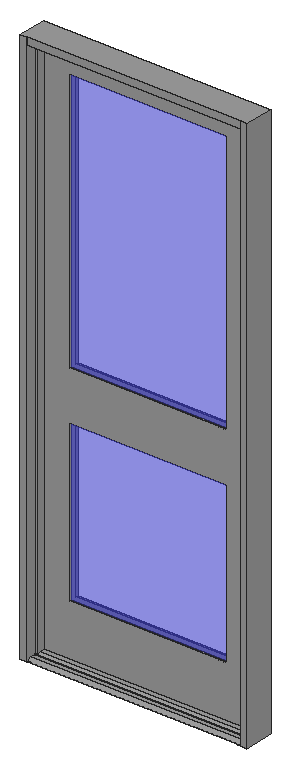
Revit family "MSD-375-StormMax-1inGlz-Curtain-Wall-Butt-Hinge-Single_Arc_v02", category Curtain Panels, Revit 2017
Family settings
  OmniClass Number = 23.25.20.14.11.11.17
  OmniClass Title = Infill Panels
  Always vertical = Yes
  Cut with Voids When Loaded = No
  Shared = No
Parameters
  Width [instance] = 3' - 2"
  URL = "obe.com"
  Rough Width [instance] = 3' - 3"
  Panel Width [instance] = [Min-Max Panel Width]  # 3' - 0 3/4"
  Panel Offset [instance] = 0' - 0"
  Offset [instance] = 0' - 1"
  Model = "MSD-375 DOOR"
  Min-Max Rough Width [instance] = if(and((Rough Width > 3' 2 1/4"), (Rough Width < 3' 8 1/256")), Rough Width, 3' 2 1/4")  # 3' - 3"
  Min-Max Panel Width [instance] = if(and((Rough Width > 3' 2 1/4"), (Rough Width < 3' 8 1/256")), Rough Width - 0' 2 1/4", 3' 0")  # 3' - 0 3/4"
  Manufacturer = "Oldcastle BuildingEnvelope®"
  Keynote = "08 11 00"
  Height [instance] = 8' - 0"
  Pushbar Height [instance] = 3' - 5 1/4"  # constant formula
  Glass Material = Glass
  Frame Material = Aluminum
  Door Panel Height [instance] = Height - 0' 0 3/4"  # 7' - 11 1/4"
  Description = "MSD-375 - 1\" Door Infill"
  Assembly Code = "B2030"
  Analytic Construction = "<None>"
  8 Muntin [instance] = not([6.5 Muntin])  # no
  6.5 Muntin [instance] = yes
Reference planes (in)
  plane 1 "Front": y = 0
  plane 2: z = 0
  plane 3 "Center (Left/Right)": x = 0
  plane 4 "Left": x = -19
  plane 5 "Right": x = 19
  plane 6 "Top": z = 96
  plane 7 "Offset": y = -1
  plane 8: y = -1.86965
  plane 9: y = -1.86965
  plane 10: x = -19.5
  plane 11: x = 19.5
Forms (in)
  Sweep 1, solid, material "Aluminum" <- "Frame Material"
    path origin (0, -1, 0) x (-1, 0, 0) y (0, 0, 1)
      loop
        line (19.5, 0) -> (19.5, 96)
    profile origin (-19.5, -1, 48) x (1, 0, 0) y (0, 1, 0)
      loop
        line (1.125, -1.8814) -> (1.125, -0.0064) -> (0, -0.0064) -> (0, -5.0064) -> (1.125, -5.0064) -> (1.125, -3.24) -> (1.625, -3.24) -> (1.625, -1.8814) -> (1.125, -1.8814)
  Sweep 2, solid, material "Aluminum" <- "Frame Material"
    path origin (0, -1, 0) x (-1, 0, 0) y (0, 0, 1)
      loop
        line (-19.5, 0) -> (-19.5, 96)
    profile origin (19.5, -1, 48) x (1, 0, 0) y (0, 1, 0)
      loop
        line (-1.125, -1.8814) -> (-1.625, -1.8814) -> (-1.625, -3.24) -> (-1.125, -3.24) -> (-1.125, -5.0064) -> (0, -5.0064) -> (0, -0.0064) -> (-1.125, -0.0064) -> (-1.125, -1.8814)
  Sweep 3, solid, material "Aluminum" <- "Frame Material"
    path origin (0, -1, 0) x (-1, 0, 0) y (0, 0, 1)
      loop
        line (-19.5, 96) -> (19.5, 96)
    profile origin (0, -1, 96) x (0, 0, 1) y (0, 1, 0)
      loop
        line (-1.25, 0) -> (-1.25, -1.88675) -> (-1.75, -1.88675) -> (-1.75, -3.24) -> (-1.25, -3.24) -> (-1.25, -5) -> (0, -5) -> (0, 0) -> (-1.25, 0)
Cuts and joins
  joined: Sweep 1, Sweep 2, Sweep 3
Text (in)
  text "Exterior" at (-54.29358, 31.38743, 0), in view "Ref. Level"
  text "Exterior" at (480, 41.53993, 89.60405), in view "Right"
  text "Exterior" at (-240, 57.82419, 105.78864), in view "Left"
Dimensions and locks (in)
  equal spacing: plane 4 "Left", plane 3 "Center (Left/Right)", plane 5 "Right"
  "Width": plane 4 "Left" to plane 5 "Right"
  "Height": plane 6 "Top" to plane 2
  "Offset": plane 1 "Front" to plane 7 "Offset"
  locked: plane 7 "Offset" to plane 8 at 0.86965
  locked: plane 7 "Offset" to plane 9 at 0.86965
  plane 7 "Offset" to nested 1 = 0' - 1"
  equal spacing: plane 10, plane 3 "Center (Left/Right)", plane 11
  "Min-Max Rough Width": plane 10 to plane 11
  aligned and locked: level to plane 2
  aligned and locked: plane 6 "Top" to Sweep 1 sketch curve
  aligned and locked: level to Sweep 1 sketch curve
  aligned and locked: plane 6 "Top" to Sweep 2 sketch curve
  aligned and locked: level to Sweep 2 sketch curve
  aligned and locked: plane 3 "Center (Left/Right)" to nested 1
  aligned and locked: plane 6 "Top" to Sweep 3 sketch curve
  aligned and locked: Sweep 1 sketch curve to plane 10
  aligned and locked: Sweep 2 sketch curve to plane 11
  aligned and locked: plane 11 to Sweep 3 sketch curve
  aligned and locked: plane 10 to Sweep 3 sketch curve
Automatic sketch dimensions
  Sweep 2 sketch curve to plane 7 "Offset" = 0' - 0.0064"
  Sweep 2 sketch curve to profile plane = 0' - 0"
  profile plane to Sweep 2 sketch curve = 0' - 1 1/8"
  Sweep 2 sketch curve to Sweep 2 sketch curve = 0' - 1 1/8"
  Sweep 2 sketch curve to Sweep 2 sketch curve = 0' - 0 1/2"
  Sweep 2 sketch curve to plane 7 "Offset" = 0' - 1.8814"
  Sweep 2 sketch curve to Sweep 2 sketch curve = 0' - 1.3586"
  Sweep 2 sketch curve to Sweep 2 sketch curve = 0' - 1.7664"
  Sweep 3 sketch curve to plane 7 "Offset" = 0' - 0"
  profile plane to Sweep 3 sketch curve = 0' - 0"
  profile plane to Sweep 3 sketch curve = 0' - 1 1/4"
  Sweep 3 sketch curve to plane 7 "Offset" = 0' - 1.88675"
  Sweep 3 sketch curve to Sweep 3 sketch curve = 0' - 0 1/2"  (x2)
  Sweep 3 sketch curve to Sweep 3 sketch curve = 0' - 1.35325"
  Sweep 3 sketch curve to Sweep 3 sketch curve = 0' - 1.76"
  Sweep 1 sketch curve to profile plane = 0' - 0"
  Sweep 1 sketch curve to plane 7 "Offset" = 0' - 0.0064"
  Sweep 1 sketch curve to profile plane = 0' - 1 1/8"  (x2)
  Sweep 1 sketch curve to Sweep 1 sketch curve = 0' - 0 1/2"
  Sweep 1 sketch curve to Sweep 1 sketch curve = 0' - 1 7/8"
  Sweep 1 sketch curve to Sweep 1 sketch curve = 0' - 1.3586"
  Sweep 1 sketch curve to Sweep 1 sketch curve = 0' - 1.7664"
Nested families (in)
  nested 1: "MSD-375 DOOR-1-PD-Panel_v05" at (0, -16, 0), Frame Material <- "Frame Material", Glass Material <- "Glass Material", 6.5 Muntin <- "6.5 Muntin", 8 Muntin <- "8 Muntin", Height <- "Door Panel Height", Width <- "Min-Max Panel Width", Offset <- "Offset", type "MSD-375 DOOR-1-PD-Panel"
    with built-in parameter 1001301 3' - 0 3/4", Pushbar Height 3' - 5 1/4", Offset 0' - 1", built-in parameter 1001300 7' - 11 1/4", Glass at Muntin 0' - 6 15/16", Glass Material Glass, Frame Material Aluminum, 8 Muntin no, 6.5 Muntin yes
Definition of nested family "MSD-375 DOOR-1-PD-Panel_v05"
  Parameters (values of type "MSD-375 DOOR-1-PD-Panel")
    Width [instance] = 4' - 0"
    Pushbar Height [instance] = 3' - 5 1/4"  # constant formula
    Offset [instance] = 0' - 1 255/256"
    Height [instance] = 8' - 0"
    Glass at Muntin [instance] = if([6.5 Muntin], 0' 6 15/16", 0' 8 7/16")  # 0' - 8 7/16"
    Glass Material [instance] = none
    Frame Material [instance] = none
    Analytic Construction = "<None>"
    8 Muntin [instance] = not([6.5 Muntin])  # yes
    6.5 Muntin [instance] = no
  Reference planes (in)
    plane 1 "00": y = 12.91016
    plane 2: z = 0
    plane 3 "Center (Left/Right)": x = 0
    plane 4: z = 96
    plane 5: x = -24
    plane 6: x = 24
    plane 7 "Center (Front/Back)": y = 16
    plane 8 "Exterior": y = 13.19141
    plane 9: z = 48
    plane 10: z = 92.96875
    plane 11: z = 92.156
    plane 12: z = 8.90625
    plane 13: z = 37.03125
    plane 14: z = 45.46875
    plane 15: x = -19.93725
    plane 16: x = 19.93725
    plane 17 "Offset": y = 14.00391
    plane 18: z = 41.25
  Forms (in)
    Sweep 1, solid, material <- "Frame Material"
      path origin (0, 12.91016, 0) x (1, 0, 0) y (0, 0, 1)
        loop
          line (-23.79725, 96) -> (23.79725, 96)
      profile origin (0, 12.91016, 96) x (0, 0, 1) y (0, -1, 0)
        loop
          line (-4.625, -0.957) -> (-0.625, -0.957) -> (-0.625, 0.793) -> (-4.625, 0.793) -> (-4.625, 0.5) -> (-3.844, 0.5) -> (-3.844, -0.5) -> (-4.625, -0.5) -> (-4.625, -0.957)
    Sweep 2, solid, material <- "Frame Material"
      path origin (0, 12.91016, 0) x (1, 0, 0) y (0, 0, 1)
        loop
          line (23.79725, 0) -> (-23.79725, 0)
      profile origin (0, 12.91016, 0) x (0, 0, -1) y (0, -1, 0)
        loop
          line (0, -1.707) -> (0, 3.918) -> (-0.125, 3.918) -> (-0.5, 3.168) -> (-0.5, 2.3005) -> (-0.562, 2.3005) -> (-0.844, 1.8115) -> (-0.844, 0.8165) -> (-0.5, 0.8165) -> (-0.5, -0.957) -> (-0.125, -1.707) -> (0, -1.707)
        loop
          line (-0.6875, -0.957) -> (-0.6875, 0.793) -> (-9.6875, 0.793) -> (-9.6875, 0.5) -> (-8.9065, 0.5) -> (-8.9065, -0.5) -> (-9.6875, -0.5) -> (-9.6875, -0.957) -> (-0.6875, -0.957)
    Sweep 3, solid, material <- "Frame Material"
      path origin (0, 12.91016, 0) x (1, 0, 0) y (0, 0, 1)
        loop
          line (24, 95.375) -> (24, 0.6875)
      profile origin (24, 12.91016, 48.03125) x (0, -1, 0) y (1, 0, 0)
        loop
          line (-0.957, -4.84375) -> (-0.5, -4.84375) -> (-0.5, -4.06275) -> (0.5, -4.06275) -> (0.5, -4.84375) -> (0.793, -4.84375) -> (0.793, -0.20275) -> (-0.957, -0.09375) -> (-0.957, -4.84375)
    Sweep 4, solid, material <- "Frame Material"
      path origin (0, 12.91016, 0) x (1, 0, 0) y (0, 0, 1)
        loop
          line (-24, 95.375) -> (-24, 0.6875)
      profile origin (-24, 12.91016, 48.03125) x (0, -1, 0) y (1, 0, 0)
        loop
          line (-0.957, 0.09375) -> (0.793, 0.20275) -> (0.793, 4.84375) -> (0.5, 4.84375) -> (0.5, 4.06275) -> (-0.5, 4.06275) -> (-0.5, 4.84375) -> (-0.957, 4.84375) -> (-0.957, 0.09375)
    Sweep 5, solid, material <- "Frame Material"
      path origin (0, 12.91016, 0) x (1, 0, 0) y (0, 0, 1)
        loop
          line (23.79725, 48) -> (-23.79725, 48)
      profile origin (0, 12.91016, 48) x (0, 0, -1) y (0, -1, 0)
        loop
          line (11.75025, -0.957) -> (11.75025, -0.5) -> (10.96875, -0.5) -> (10.96875, 0.5) -> (11.75025, 0.5) -> (11.75025, 0.793) -> (1.75025, 0.793) -> (1.75025, 0.5) -> (2.53125, 0.5) -> (2.53125, -0.5) -> (1.75025, -0.5) -> (1.75025, -0.957) -> (11.75025, -0.957)
    Extrusion 6, solid, material <- "Glass Material", detail levels coarse
      sketch origin (0, 0, 0) x (1, 0, 0) y (0, 1, 0)
        loop
          line (-19.93725, 13.41016) -> (-19.93725, 12.41016) -> (19.93725, 12.41016) -> (19.93725, 13.41016) -> (-19.93725, 13.41016)
      from 45.46875 to 92.156
    Extrusion 7, solid, material <- "Glass Material", detail levels medium+fine
      sketch origin (0, 0, 0) x (1, 0, 0) y (0, 1, 0)
        loop
          line (19.93725, 13.41016) -> (-19.93725, 13.41016) -> (-19.93725, 13.21016) -> (19.93725, 13.21016) -> (19.93725, 13.41016)
        loop
          line (-19.93725, 12.84016) -> (-19.93725, 12.64016) -> (19.93725, 12.64016) -> (19.93725, 12.84016) -> (-19.93725, 12.84016)
        loop
          line (19.93725, 12.61016) -> (-19.93725, 12.61016) -> (-19.93725, 12.41016) -> (19.93725, 12.41016) -> (19.93725, 12.61016)
      from 45.46875 to 92.156
    Extrusion 8, solid, material <- "Glass Material", detail levels coarse
      sketch origin (0, 0, 0) x (1, 0, 0) y (0, 1, 0)
        loop
          line (-19.93725, 13.41016) -> (-19.93725, 12.41016) -> (19.93725, 12.41016) -> (19.93725, 13.41016) -> (-19.93725, 13.41016)
      from 8.90625 to 37.03125
    Extrusion 9, solid, material <- "Glass Material", detail levels medium+fine
      sketch origin (0, 0, 0) x (1, 0, 0) y (0, 1, 0)
        loop
          line (-19.93725, 13.41406) -> (-19.93725, 13.21406) -> (19.93725, 13.21406) -> (19.93725, 13.41406) -> (-19.93725, 13.41406)
        loop
          line (19.93725, 12.84406) -> (-19.93725, 12.84406) -> (-19.93725, 12.64406) -> (19.93725, 12.64406) -> (19.93725, 12.84406)
        loop
          line (-19.93725, 12.61406) -> (-19.93725, 12.41406) -> (19.93725, 12.41406) -> (19.93725, 12.61406) -> (-19.93725, 12.61406)
      from 8.90625 to 37.03125
  Cuts and joins
    joined: Sweep 1, Sweep 2, Sweep 3, Sweep 4, Sweep 5
  Lines and regions (in)
    model lines
      curve 1: line (19.93725, 13.19141, 92.156) -> (-19.15625, 13.19141, 48)
      curve 2: line (-19.15625, 13.19141, 48) -> (19.93725, 13.19141, 8.9065)
  Dimensions and locks (in)
    equal spacing: level, plane 9, plane 4
    locked: Sweep 3 sketch curve to plane 4 at 0.625
    locked: Sweep 4 sketch curve to plane 4 at 0.625
    locked: plane 4 to plane 10 at 3.03125
    Extrusion 6 sketch curve to plane 1 "00" to Extrusion 6 sketch curve = 0' - 0 1/2" locked, 0' - 0 1/2" locked
    Extrusion 8 sketch curve to plane 1 "00" to Extrusion 8 sketch curve = 0' - 0 1/2" locked, 0' - 0 1/2" locked
    "Glass at Muntin": plane 13 to plane 14
    locked: plane 11 to plane 4 at 3.844
    plane 12 to plane 2 = 0' - 8 29/32"
    "Height": plane 4 to plane 2
    locked: plane 5 to plane 15 at 4.06275
    locked: plane 16 to plane 6 at 4.06275
    equal spacing: plane 5, plane 3 "Center (Left/Right)", plane 6
    "Width": plane 5 to plane 6
    locked: plane 14 to Sweep 5 sketch curve at 0.781  (x2)
    locked: Sweep 5 sketch curve to plane 13 at 0.7815
    locked: plane 13 to Sweep 5 sketch curve at 0.7815
    plane 1 "00" to plane 8 "Exterior" to plane 17 "Offset" = 0' - 0 9/32" locked, 0' - 0 13/16" locked
    locked: Sweep 1 sketch curve to plane 5 at 0.20275
    locked: plane 6 to Sweep 1 sketch curve at 0.20275
    locked: Sweep 5 sketch curve to plane 5 at 0.20275
    locked: plane 6 to Sweep 5 sketch curve at 0.20275
    locked: Sweep 2 sketch curve to plane 5 at 0.20275
    locked: plane 6 to Sweep 2 sketch curve at 0.20275
    equal spacing: plane 13, plane 18, plane 14
    "Pushbar Height": plane 2 to plane 18
    Extrusion 7 sketch curve to Extrusion 7 sketch curve to Extrusion 7 sketch curve to Extrusion 7 sketch curve to plane 1 "00" to Extrusion 7 sketch curve to Extrusion 7 sketch curve = 0' - 0.2" locked, 0' - 0.03" locked, 0' - 0.2" locked, 0' - 0.07" locked, 0' - 0.3" locked, 0' - 0.2" locked
    "Offset": plane 17 "Offset" to plane 7 "Center (Front/Back)"
    Extrusion 9 sketch curve to Extrusion 9 sketch curve to Extrusion 9 sketch curve to Extrusion 9 sketch curve to Extrusion 9 sketch curve to Extrusion 9 sketch curve to plane 17 "Offset" = 0' - 0.2" locked, 0' - 0.03" locked, 0' - 0.2" locked, 0' - 0.37" locked, 0' - 0.2" locked, 0' - 0 151/256" locked
    locked: plane 2 to Sweep 3 sketch curve at 0.6875
    locked: plane 2 to Sweep 4 sketch curve at 0.6875
    aligned and locked: plane 2 to level
    aligned and locked: Sweep 1 sketch curve to plane 4
    aligned and locked: Sweep 2 sketch curve to level
    aligned and locked: Sweep 5 sketch curve to plane 9
    aligned and locked: Extrusion 7 to plane 11
    aligned and locked: Extrusion 6 to plane 11
    aligned and locked: plane 14 to Extrusion 7
    aligned and locked: plane 14 to Extrusion 6
    aligned and locked: Extrusion 8 to plane 13
    aligned and locked: Extrusion 9 to plane 13
    aligned and locked: plane 12 to Extrusion 9
    aligned and locked: plane 12 to Extrusion 8
    aligned and locked: Sweep 3 sketch curve to plane 6
    aligned and locked: Sweep 4 sketch curve to plane 5
    aligned and locked: plane 16 to Extrusion 6 sketch curve
    aligned and locked: Extrusion 6 sketch curve to plane 15
    aligned and locked: Extrusion 8 sketch curve to plane 15
    aligned and locked: plane 16 to Extrusion 8 sketch curve
    aligned and locked: plane 16 to Extrusion 9  (x2)
    aligned and locked: plane 16 to Extrusion 8
    aligned and locked: plane 9 to curve 1
  Automatic sketch dimensions
    Sweep 4 sketch curve to profile plane = 0' - 0 3/32"
    Sweep 4 sketch curve to plane 1 "00" = 0' - 0.957"
    Sweep 4 sketch curve to Sweep 4 sketch curve = 0' - 0.457"
    plane 1 "00" to Sweep 4 sketch curve = 0' - 0 1/2"
    Sweep 4 sketch curve to Sweep 4 sketch curve = 0' - 0.293"
    Sweep 4 sketch curve to profile plane = 0' - 0.20275"
    Sweep 4 sketch curve to Sweep 4 sketch curve = 0' - 3.86"
    Sweep 4 sketch curve to Sweep 4 sketch curve = 0' - 0.781"  (x2)
    profile plane to Sweep 3 sketch curve = 0' - 0 3/32"
    Sweep 3 sketch curve to plane 1 "00" = 0' - 0.957"
    Sweep 3 sketch curve to Sweep 3 sketch curve = 0' - 0.457"
    plane 1 "00" to Sweep 3 sketch curve = 0' - 0 1/2"
    Sweep 3 sketch curve to Sweep 3 sketch curve = 0' - 0.293"
    profile plane to Sweep 3 sketch curve = 0' - 0.20275"
    Sweep 3 sketch curve to Sweep 3 sketch curve = 0' - 3.86"
    Sweep 3 sketch curve to Sweep 3 sketch curve = 0' - 0.781"  (x2)
    Sweep 5 sketch curve to Sweep 5 sketch curve = 0' - 0.781"
    Sweep 5 sketch curve to Sweep 5 sketch curve = 0' - 0.7815"
    Sweep 5 sketch curve to plane 1 "00" = 0' - 0.957"
    Sweep 5 sketch curve to Sweep 5 sketch curve = 0' - 0.457"  (x2)
    plane 1 "00" to Sweep 5 sketch curve = 0' - 0 1/2"  (x2)
    Sweep 5 sketch curve to Sweep 5 sketch curve = 0' - 0.293"
    profile plane to Sweep 2 sketch curve = 0' - 0 1/2"
    Sweep 2 sketch curve to plane 1 "00" = 0' - 0.957"  (x2)
    Sweep 2 sketch curve to Sweep 2 sketch curve = 0' - 0 1/8"
    Sweep 2 sketch curve to Sweep 2 sketch curve = 0' - 0 3/4"
    plane 1 "00" to Sweep 2 sketch curve = 0' - 3.918"
    profile plane to Sweep 2 sketch curve = 0' - 0 1/8"
    Sweep 2 sketch curve to Sweep 2 sketch curve = 0' - 1.6175"
    Sweep 2 sketch curve to Sweep 2 sketch curve = 0' - 0.282"
    Sweep 2 sketch curve to Sweep 2 sketch curve = 0' - 0.062"
    Sweep 2 sketch curve to Sweep 2 sketch curve = 0' - 0.489"
    Sweep 2 sketch curve to Sweep 2 sketch curve = 0' - 0.8675"
    plane 1 "00" to Sweep 2 sketch curve = 0' - 0.793"
    Sweep 2 sketch curve to Sweep 2 sketch curve = 0' - 0"
    Sweep 2 sketch curve to Sweep 2 sketch curve = 0' - 0.293"
    Sweep 2 sketch curve to Sweep 2 sketch curve = 0' - 0.457"
    Sweep 2 sketch curve to Sweep 2 sketch curve = 0' - 0.781"
    Sweep 2 sketch curve to profile plane = 0' - 0"
    Extrusion 9 sketch curve to plane 15 = 0' - 0"  (x3)
    Extrusion 9 sketch curve to plane 16 = 0' - 0"  (x3)
    Extrusion 7 sketch curve to plane 15 = 0' - 0"  (x3)
    Extrusion 7 sketch curve to plane 16 = 0' - 0"  (x3)
    Sweep 2 sketch curve to Sweep 2 sketch curve = 0' - 0.1565"
    Sweep 2 sketch curve to Sweep 2 sketch curve = 0' - 0.0235"
    Sweep 2 sketch curve to Sweep 2 sketch curve = 0' - 0 3/16"
    Sweep 2 sketch curve to Sweep 2 sketch curve = 0' - 8 1/16"
    curve 2 to plane 16 = 0' - 0"
    curve 1 to plane 11 = 0' - 0"
    curve 1 to plane 16 = 0' - 0"
    plane 15 to curve 2 = 0' - 0.781"
    curve 2 to plane 12 = 0' - 0.00025"
    Sweep 1 sketch curve to plane 1 "00" = 0' - 0.957"
    profile plane to Sweep 1 sketch curve = 0' - 4 5/8"
    Sweep 1 sketch curve to Sweep 1 sketch curve = 0' - 0"
    Sweep 1 sketch curve to Sweep 1 sketch curve = 0' - 0.781"
    profile plane to Sweep 1 sketch curve = 0' - 0 5/8"
    Sweep 1 sketch curve to Sweep 1 sketch curve = 0' - 0.457"
    plane 1 "00" to Sweep 1 sketch curve = 0' - 0 1/2"
    Sweep 1 sketch curve to Sweep 1 sketch curve = 0' - 0.293"
